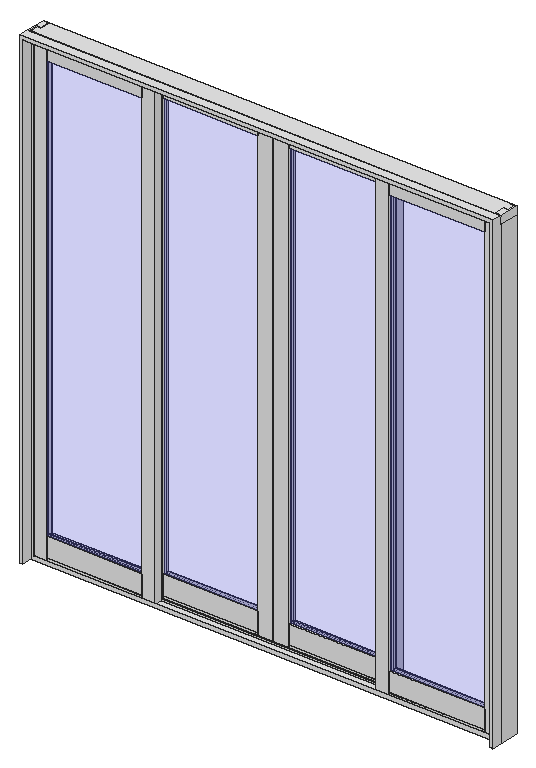
Revit family "Door-Sliding-All_Weather-Series_8100-Bi-Parting", category Doors, host Wall, Revit 2026 (continued)
Definition of nested family "Nested-Panel-All_Weather-Series_8100"
  Definition of nested family "Detail-All_Weather-Series_8100_Post_Left"
    Dimensions and locks (in)
      plane 5 "Front" to Masking region 6 sketch curve to Masking region 6 sketch curve to Masking region 6 sketch curve to Masking region 6 sketch curve to Masking region 6 sketch curve to Masking region 6 sketch curve to Masking region 6 sketch curve to Masking region 6 sketch curve to Masking region 6 sketch curve to Masking region 6 sketch curve to Masking region 6 sketch curve to Masking region 6 sketch curve to Masking region 6 sketch curve to Masking region 6 sketch curve to Masking region 6 sketch curve to Masking region 6 sketch curve to Masking region 6 sketch curve to Masking region 6 sketch curve to Masking region 6 sketch curve to Masking region 6 sketch curve to Masking region 6 sketch curve to Masking region 6 sketch curve to Masking region 6 sketch curve to Masking region 6 sketch curve to Masking region 6 sketch curve to Masking region 6 sketch curve to Masking region 6 sketch curve to Masking region 6 sketch curve to Masking region 6 sketch curve to Masking region 6 sketch curve to Masking region 6 sketch curve to Masking region 6 sketch curve to Masking region 6 sketch curve to Masking region 6 sketch curve to Masking region 6 sketch curve to Masking region 6 sketch curve to Masking region 6 sketch curve to Masking region 6 sketch curve to Masking region 6 sketch curve to Masking region 6 sketch curve to Masking region 6 sketch curve to Masking region 6 sketch curve to Masking region 6 sketch curve to Masking region 6 sketch curve to Masking region 6 sketch curve to Masking region 6 sketch curve to Masking region 6 sketch curve to Masking region 6 sketch curve to Masking region 6 sketch curve to Masking region 6 sketch curve to Masking region 6 sketch curve to Masking region 6 sketch curve = 0' - 0.19863" locked, 0' - 0" locked, 0' - 0.02286" locked, 0' - 0" locked, 0' - 0.03029" locked, 0' - 0.0387" locked, 0' - 0.00198" locked, 0' - 0.03646" locked, 0' - 0.05509" locked, 0' - 0.01723" locked, 0' - 0.02601" locked, 0' - 0.00415" locked, 0' - 0.07129" locked, 0' - 0.33521" locked, 0' - 0.07129", 0' - 0.00415", 0' - 0.02601", 0' - 0.01723" locked, 0' - 0.05509", 0' - 0.03646" locked, 0' - 0.00198" locked, 0' - 0.0387", 0' - 0.03029" locked, 0' - 0" locked, 0' - 0.02286" locked, 0' - 0" locked, 0' - 0.08978" locked, 0' - 0" locked, 0' - 0.05126" locked, 0' - 0" locked, 0' - 0.0035" locked, 0' - 0" locked, 0' - 0.01711" locked, 0' - 0" locked, 0' - 0.02155" locked, 0' - 0" locked, 0' - 0.02378" locked, 0' - 0" locked, 0' - 0.01711" locked, 0' - 0" locked, 0' - 0.00354" locked, 0' - 0" locked, 0' - 0.00711" locked, 0' - 0" locked, 0' - 0.00976" locked, 0' - 0" locked, 0' - 0.02545" locked, 0' - 0.01004" locked, 0' - 0" locked, 0' - 0.0507" locked, 0' - 0" locked, 0' - 0.01406" locked
      locked: Masking region 7 sketch curve to plane 6 "Back" at 0.40021
      plane 5 "Front" to Masking region 8 sketch curve to Masking region 8 sketch curve to Masking region 8 sketch curve to Masking region 8 sketch curve to Masking region 8 sketch curve to Masking region 8 sketch curve = 0' - 0.11225" locked, 0' - 0.0421" locked, 0' - 0.09407" locked, 0' - 0.99986" locked, 0' - 0.08753" locked, 0' - 0.04701" locked
      Masking region 8 sketch curve to Masking region 8 sketch curve to plane 4 "Top" to Masking region 8 sketch curve to Masking region 8 sketch curve to Masking region 8 sketch curve to Masking region 8 sketch curve = 0' - 0.00013" locked, 0' - 0.07487" locked, 0' - 0.06035" locked, 0' - 0.00075" locked, 0' - 0.62125" locked, 0' - 0.12414" locked
      plane 4 "Top" to Masking region 4 sketch curve to Masking region 4 sketch curve to Masking region 4 sketch curve to Masking region 4 sketch curve to Masking region 4 sketch curve to Masking region 4 sketch curve to Masking region 4 sketch curve to Masking region 4 sketch curve to Masking region 4 sketch curve to Masking region 4 sketch curve to Masking region 4 sketch curve to Masking region 4 sketch curve to Masking region 4 sketch curve to Masking region 4 sketch curve to Masking region 4 sketch curve to Masking region 4 sketch curve to Masking region 4 sketch curve to Masking region 4 sketch curve to Masking region 4 sketch curve to Masking region 4 sketch curve to Masking region 4 sketch curve to Masking region 4 sketch curve to Masking region 4 sketch curve to Masking region 4 sketch curve to Masking region 4 sketch curve to Masking region 4 sketch curve to Masking region 4 sketch curve to Masking region 4 sketch curve to Masking region 4 sketch curve to Masking region 4 sketch curve to Masking region 4 sketch curve to Masking region 4 sketch curve to Masking region 4 sketch curve to Masking region 4 sketch curve to Masking region 4 sketch curve to Masking region 4 sketch curve to Masking region 4 sketch curve to Masking region 4 sketch curve to Masking region 4 sketch curve to Masking region 4 sketch curve to Masking region 4 sketch curve to Masking region 4 sketch curve to Masking region 4 sketch curve to Masking region 4 sketch curve to Masking region 4 sketch curve to Masking region 4 sketch curve to Masking region 4 sketch curve to Masking region 4 sketch curve to Masking region 4 sketch curve to Masking region 4 sketch curve to Masking region 4 sketch curve to Masking region 4 sketch curve to Masking region 4 sketch curve to Masking region 4 sketch curve to Masking region 4 sketch curve to Masking region 4 sketch curve to Masking region 4 sketch curve to Masking region 4 sketch curve to Masking region 4 sketch curve to Masking region 4 sketch curve to Masking region 4 sketch curve to Masking region 4 sketch curve to Masking region 4 sketch curve to Masking region 4 sketch curve to Masking region 4 sketch curve to Masking region 4 sketch curve to Masking region 4 sketch curve to Masking region 4 sketch curve to Masking region 4 sketch curve to Masking region 4 sketch curve to Masking region 4 sketch curve to Masking region 4 sketch curve to Masking region 4 sketch curve to Masking region 4 sketch curve to Masking region 4 sketch curve to Masking region 4 sketch curve = 0' - 0.01263" locked, 0' - 0.01062" locked, 0' - 0.03786" locked, 0' - 0" locked, 0' - 0.02" locked, 0' - 0.04682" locked, 0' - 0.00276" locked, 0' - 0.03114" locked, 0' - 0" locked, 0' - 0.0601" locked, 0' - 0" locked, 0' - 0.0339" locked, 0' - 0" locked, 0' - 0.0601" locked, 0' - 0" locked, 0' - 0.0339" locked, 0' - 0" locked, 0' - 0.0601" locked, 0' - 0" locked, 0' - 0.0339" locked, 0' - 0" locked, 0' - 0.0601" locked, 0' - 0" locked, 0' - 0.0339" locked, 0' - 0" locked, 0' - 0.06328" locked, 0' - 0" locked, 0' - 0.20227" locked, 0' - 0.00312" locked, 0' - 0.04597" locked, 0' - 0" locked, 0' - 0.07252" locked, 0' - 0" locked, 0' - 0.00984" locked, 0' - 0.06415" locked, 0' - 0.00388" locked, 0' - 0.02979" locked, 0' - 0.01064" locked, 0' - 0.00783" locked, 0' - 0.00434" locked, 0' - 0.00947" locked, 0' - 0.02985" locked, 0' - 0.02396" locked, 0' - 0.02064" locked, 0' - 0.01001" locked, 0' - 0.0153" locked, 0' - 0" locked, 0' - 0.07255" locked, 0' - 0" locked, 0' - 0" locked, 0' - 0.0083" locked, 0' - 0.04403" locked, 0' - 0" locked, 0' - 0.07517" locked, 0' - 0" locked, 0' - 0" locked, 0' - 0" locked, 0' - 0.39288" locked, 0' - 0.00786" locked, 0' - 0.01065" locked, 0' - 0.01831" locked, 0' - 0.0125" locked, 0' - 0.03585" locked, 0' - 0.00285" locked, 0' - 0.02831" locked, 0' - 0" locked, 0' - 0" locked, 0' - 0.05668" locked, 0' - 0.10017" locked, 0' - 0.04969" locked, 0' - 0.11927" locked, 0' - 0.04969" locked, 0' - 0.26835" locked, 0' - 0.02776" locked, 0' - 0.00003" locked, 0' - 0.07201" locked
      Masking region 4 sketch curve to plane 5 "Front" to Masking region 4 sketch curve to Masking region 4 sketch curve to Masking region 4 sketch curve to Masking region 4 sketch curve to Masking region 4 sketch curve to Masking region 4 sketch curve to Masking region 4 sketch curve to Masking region 4 sketch curve to Masking region 4 sketch curve to Masking region 4 sketch curve to Masking region 4 sketch curve to Masking region 4 sketch curve to Masking region 4 sketch curve to Masking region 4 sketch curve to Masking region 4 sketch curve to Masking region 4 sketch curve to Masking region 4 sketch curve to Masking region 4 sketch curve to Masking region 4 sketch curve to Masking region 4 sketch curve to Masking region 4 sketch curve to Masking region 4 sketch curve to Masking region 4 sketch curve to Masking region 4 sketch curve to Masking region 4 sketch curve to Masking region 4 sketch curve to Masking region 4 sketch curve to Masking region 4 sketch curve to Masking region 4 sketch curve to Masking region 4 sketch curve to Masking region 4 sketch curve to Masking region 4 sketch curve to Masking region 4 sketch curve to Masking region 4 sketch curve to Masking region 4 sketch curve to Masking region 4 sketch curve to Masking region 4 sketch curve to Masking region 4 sketch curve to Masking region 4 sketch curve to Masking region 4 sketch curve to Masking region 4 sketch curve to Masking region 4 sketch curve to Masking region 4 sketch curve to Masking region 4 sketch curve to Masking region 4 sketch curve to Masking region 4 sketch curve to Masking region 4 sketch curve to Masking region 4 sketch curve to Masking region 4 sketch curve to Masking region 4 sketch curve to Masking region 4 sketch curve to Masking region 4 sketch curve to Masking region 4 sketch curve to Masking region 4 sketch curve to Masking region 4 sketch curve to Masking region 4 sketch curve to Masking region 4 sketch curve to Masking region 4 sketch curve to Masking region 4 sketch curve to Masking region 4 sketch curve to Masking region 4 sketch curve to Masking region 4 sketch curve to Masking region 4 sketch curve to Masking region 4 sketch curve to Masking region 4 sketch curve to Masking region 4 sketch curve to Masking region 4 sketch curve to Masking region 4 sketch curve to Masking region 4 sketch curve to Masking region 4 sketch curve to Masking region 4 sketch curve to Masking region 4 sketch curve to Masking region 4 sketch curve to Masking region 4 sketch curve to Masking region 4 sketch curve to Masking region 4 sketch curve to Masking region 4 sketch curve to Masking region 4 sketch curve to Masking region 4 sketch curve to Masking region 4 sketch curve to Masking region 4 sketch curve = 0' - 0.00008" locked, 0' - 0.0359" locked, 0' - 0.03606" locked, 0' - 0.02743" locked, 0' - 0.05308" locked, 0' - 0" locked, 0' - 0" locked, 0' - 0" locked, 0' - 0" locked, 0' - 0.00188" locked, 0' - 0.012" locked, 0' - 0.02" locked, 0' - 0.00969" locked, 0' - 0" locked, 0' - 0" locked, 0' - 0" locked, 0' - 0.00231" locked, 0' - 0.00072" locked, 0' - 0.09784" locked, 0' - 0.00212" locked, 0' - 0.00415" locked, 0' - 0.02031" locked, 0' - 0.01893" locked, 0' - 0.00682" locked, 0' - 0.01748" locked, 0' - 0.05507" locked, 0' - 0.00106" locked, 0' - 0.06668" locked, 0' - 0.01343" locked, 0' - 0.04776" locked, 0' - 0.00188" locked, 0' - 0.29793" locked, 0' - 0.07951" locked, 0' - 0.00941" locked, 0' - 0.00189" locked, 0' - 0.06262" locked, 0' - 0.0062" locked, 0' - 0.00485" locked, 0' - 0.01906" locked, 0' - 0.00687" locked, 0' - 0.0297" locked, 0' - 0.00106" locked, 0' - 0.06648" locked, 0' - 0.00607" locked, 0' - 0.00682" locked, 0' - 0.00189" locked, 0' - 0.03081" locked, 0' - 0.0107" locked, 0' - 0.0408" locked, 0' - 0.00122" locked, 0' - 0.00047" locked, 0' - 0.05479" locked, 0' - 0.00111" locked, 0' - 0.00702" locked, 0' - 0.00231" locked, 0' - 0" locked, 0' - 0" locked, 0' - 0" locked, 0' - 0.00183" locked, 0' - 0.02" locked, 0' - 0.01178" locked, 0' - 0.00995" locked, 0' - 0" locked, 0' - 0" locked, 0' - 0" locked, 0' - 0" locked, 0' - 0.0362" locked, 0' - 0.00013" locked, 0' - 0.02528" locked, 0' - 0.03526" locked, 0' - 0.00064" locked, 0' - 0.01182" locked, 0' - 0.00197" locked, 0' - 0" locked, 0' - 0.03336" locked, 0' - 0.00044" locked, 0' - 0" locked, 0' - 0.27469" locked, 0' - 0.05308" locked, 0' - 0.00916" locked, 0' - 0.03931" locked, 0' - 0.02354" locked
      Masking region 9 sketch curve to Masking region 9 sketch curve to Masking region 9 sketch curve to Masking region 9 sketch curve to plane 6 "Back" = 0' - 0 1/32" locked, 0' - 0" locked, 0' - 0 63/256" locked, 0' - 0.19894" locked
      Masking region 9 sketch curve to Masking region 9 sketch curve to Masking region 9 sketch curve to Masking region 9 sketch curve to plane 1 "Center (Front/Back)" = 0' - 0.05344" locked, 0' - 0 5/64" locked, 0' - 0.05344" locked, 0' - 0.38711" locked
      aligned and locked: Masking region 7 sketch curve to plane 4 "Top"
      aligned and locked: Masking region 7 sketch curve to plane 5 "Front"
      aligned and locked: Masking region 7 sketch curve to plane 1 "Center (Front/Back)"
    Automatic sketch dimensions
      Masking region 6 sketch curve to plane 7 "Glass Front" = 0' - 0.04445"
      Masking region 6 sketch curve to Masking region 6 sketch curve = 0' - 0.0008"  (x2)
      Masking region 6 sketch curve to Masking region 6 sketch curve = 0' - 0.00106"
      Masking region 6 sketch curve to Masking region 6 sketch curve = 0' - 0.0315"  (x2)
      Masking region 6 sketch curve to Masking region 6 sketch curve = 0' - 0.01575"  (x2)
      Masking region 6 sketch curve to Masking region 6 sketch curve = 0' - 0.03937"
      Masking region 6 sketch curve to Masking region 6 sketch curve = 0' - 0"  (x8)
      Masking region 4 sketch curve to Masking region 4 sketch curve = 0' - 0.01745"
      Masking region 4 sketch curve to Masking region 4 sketch curve = 0' - 0.04029"
      Masking region 4 sketch curve to plane 5 "Front" = 0' - 0.05795"
      Masking region 4 sketch curve to Masking region 4 sketch curve = 0' - 0.00117"
      Masking region 4 sketch curve to Masking region 4 sketch curve = 0' - 0.03931"
      Masking region 4 sketch curve to plane 3 "Glass Intersection" = 0' - 0.1279"
      Masking region 4 sketch curve to Masking region 4 sketch curve = 0' - 0 1/256"
      Masking region 9 sketch curve to Masking region 9 sketch curve = 0' - 0 1/256"
      Masking region 9 sketch curve to Masking region 9 sketch curve = 0' - 0.00021"
      Masking region 9 sketch curve to Masking region 9 sketch curve = 0' - 0.01342"
  Definition of nested family "Detail-All_Weather-Series_8100_Door_Footer"
    Parameters (values of type "Door Footer")
      URL = "https://www.allweatheraa.com/"
      Type Comments = "3 in Ultraglide Rollers"  # constant formula
      Thickness = 0' - 1 1/2"  # constant formula
      Specification = ""
      Profile Offset = 0' - 1 9/256"  # constant formula
      Product Page URL = "https://www.allweatheraa.com/doors/series-8100-sliding-doors/"
      Product Name = "Series 8100"  # constant formula
      Product Documentation Link = "https://www.allweatheraa.com/download/4291/"
      Nail Fin Offset = 0' - 1 33/128"  # constant formula
      Model = "Sliding Door"  # constant formula
      Manufacturer = "All Weather Architectural Aluminum"  # constant formula
      Height = 0' - 4 109/128"  # constant formula
      Glass Thickness = 0' - 1"  # constant formula
      Glass = no
      Description = ""
      Assembly Code = "B2020100"
    Reference planes (in)
      plane 1 "Center (Front/Back)": y = -2.95639
      plane 2: z = 0
      plane 3 "Glass Intersection": y = 1.839
      plane 4 "Top": y = 2.5
      plane 5 "Front": x = -1.41797
      plane 6 "Back": x = 0.08203
      plane 7 "Glass Front": x = -1.16934
      plane 8 "Glass Back": x = -0.16934
    Lines and regions (in)
      Masking region 1, in view "Ref. Level", visible <- "Glass", detail levels fine
        outline origin (-0.66605, -0.0985, 0) x (1, 0, 0) y (0, 1, 0)
          loop
            line (-0.50329, 3.0985) -> (-0.50329, 1.9375) -> (-0.32445, 1.9375) -> (-0.32445, 3.0985) -> (-0.50329, 3.0985)
          loop
            line (0.49671, 3.0985) -> (0.31787, 3.0985) -> (0.31787, 1.9375) -> (0.49671, 1.9375) -> (0.49671, 3.0985)
      Masking region 2, in view "Ref. Level", detail levels fine
        outline origin (-0.66605, -0.0985, 0) x (1, 0, 0) y (0, 1, 0)
          loop
            line (-0.32445, 1.95572) -> (0.31955, 1.95572) -> (0.31955, 2.1811) -> (0.28749, 2.1811) -> (0.28749, 1.9861) -> (-0.2924, 1.9861) -> (-0.2924, 2.1811) -> (-0.32445, 2.1811) -> (-0.32445, 1.95572)
      Masking region 3, in view "Ref. Level", detail levels fine
        outline origin (-0.66605, -0.0985, 0) x (1, 0, 0) y (0, 1, 0)
          loop
            line (-0.2924, 2.2971) -> (-0.2924, 1.9861) -> (0.28749, 1.9861) -> (0.28749, 2.2971) -> (-0.2924, 2.2971)
          loop
            line (0.27349, 2.2831) -> (-0.2784, 2.2831) -> (-0.2784, 2.0001) -> (0.27349, 2.0001) -> (0.27349, 2.2831)
      Masking region 4, in view "Ref. Level", detail levels medium+fine
        outline origin (-0.99512, 0, 0) x (1, 0, 0) y (0, 1, 0)
          loop
            line (-0.30079, -1.41548) -> (-0.22018, -1.36894) -> (-0.14111, -1.49126) -> (-0.28485, -1.48594) -> (-0.28485, -1.88274) -> (-0.32885, -1.94057) -> (-0.32885, -2.25903) -> (-0.28091, -2.25903) -> (-0.28091, -2.63174) -> (-0.37385, -2.63174)
            arc (-0.37385, -2.63174) -> (-0.4085, -2.61739) -> (-0.42285, -2.58274) r 0.049
            line (-0.42285, -2.58274) -> (-0.42285, 2.5) -> (-0.23485, 2.5) -> (-0.23485, 2.43191) -> (-0.26871, 2.43191) -> (-0.26871, 2.40107) -> (-0.2192, 2.3378) -> (-0.26871, 2.3378) -> (-0.26871, 2.30707) -> (-0.2192, 2.2438) -> (-0.26871, 2.2438) -> (-0.26871, 2.21307) -> (-0.2192, 2.1498) -> (-0.26871, 2.1498) -> (-0.26871, 2.11907) -> (-0.2192, 2.0558) -> (-0.26871, 2.0558) -> (-0.26871, 2.02507) -> (-0.2192, 1.9618) -> (-0.30079, 1.9618) -> (-0.30079, 1.74571) -> (-0.14111, 1.75162) -> (-0.22037, 1.62901) -> (-0.3021, 1.69258) -> (-0.3021, 1.48338) -> (-0.20382, 1.54011) -> (-0.20382, 1.43539) -> (0.03531, 1.43539) -> (0.03531, 1.31115) -> (-0.28485, 1.31115) -> (-0.28485, -0.92564) -> (0.18463, -0.92564) -> (0.18463, -1.04987) -> (-0.28485, -1.04987) -> (-0.28485, -1.14199) -> (-0.20252, -1.18952) -> (-0.20252, -1.28034) -> (-0.30079, -1.2236) -> (-0.30079, -1.42069)
          loop
            line (0.95511, -1.41548) -> (0.8745, -1.36894) -> (0.79543, -1.49126) -> (0.93917, -1.48594) -> (0.93917, -1.88274) -> (0.98317, -1.94057) -> (0.98317, -2.25903) -> (0.93523, -2.25903) -> (0.93523, -2.63174) -> (1.02817, -2.63174)
            arc (1.02817, -2.63174) -> (1.06282, -2.61739) -> (1.07717, -2.58274) r 0.049
            line (1.07717, -2.58274) -> (1.07717, 2.5) -> (0.88917, 2.5) -> (0.88917, 2.43191) -> (0.92303, 2.43191) -> (0.92303, 2.40107) -> (0.87352, 2.3378) -> (0.92303, 2.3378) -> (0.92303, 2.30707) -> (0.87352, 2.2438) -> (0.92303, 2.2438) -> (0.92303, 2.21307) -> (0.87352, 2.1498) -> (0.92303, 2.1498) -> (0.92303, 2.11907) -> (0.87352, 2.0558) -> (0.92303, 2.0558) -> (0.92303, 2.02507) -> (0.87352, 1.9618) -> (0.95511, 1.9618) -> (0.95511, 1.75162) -> (0.79543, 1.75162) -> (0.87469, 1.62901) -> (0.95641, 1.69258) -> (0.95641, 1.48338) -> (0.85814, 1.54011) -> (0.85814, 1.43539) -> (0.61792, 1.43539) -> (0.61792, 1.31115) -> (0.93917, 1.31115) -> (0.93917, -0.92564) -> (0.46969, -0.92564) -> (0.46969, -1.04987) -> (0.93917, -1.04987) -> (0.93917, -1.14199) -> (0.85684, -1.18952) -> (0.85684, -1.28034) -> (0.95511, -1.2236) -> (0.95511, -1.42069)
      Masking region 5, in view "Ref. Level", detail levels fine
        outline origin (-0.99512, 0.0378, 0) x (1, 0, 0) y (0, 1, 0)
          loop
            arc (-0.17289, 1.57958) -> (-0.19836, 1.58294) -> (-0.2221, 1.59277) r 0.09843
            line (-0.2221, 1.59277) -> (-0.3021, 1.63895) -> (-0.3021, 1.44557) -> (-0.20642, 1.50081)
            arc (-0.20642, 1.50081) -> (-0.19002, 1.50511) -> (-0.17312, 1.50656) r 0.0993
            line (-0.17312, 1.50656) -> (0.82484, 1.50656)
            arc (0.82484, 1.50656) -> (0.84173, 1.50511) -> (0.85814, 1.50081) r 0.0993
            line (0.85814, 1.50081) -> (0.95381, 1.44557) -> (0.95381, 1.63895) -> (0.87382, 1.59277)
            arc (0.87382, 1.59277) -> (0.85008, 1.58294) -> (0.8246, 1.57958) r 0.09843
            line (0.8246, 1.57958) -> (-0.17289, 1.57958)
      Masking region 6, in view "Ref. Level", detail levels fine
        outline origin (-0.99381, -2.86441, 0) x (1, 0, 0) y (0, 1, 0)
          loop
            arc (-0.17289, 1.57958) -> (-0.19836, 1.58294) -> (-0.2221, 1.59277) r 0.09843
            line (-0.2221, 1.59277) -> (-0.3021, 1.63895) -> (-0.3021, 1.44557) -> (-0.20642, 1.50081)
            arc (-0.20642, 1.50081) -> (-0.19002, 1.50511) -> (-0.17312, 1.50656) r 0.0993
            line (-0.17312, 1.50656) -> (0.82484, 1.50656)
            arc (0.82484, 1.50656) -> (0.84173, 1.50511) -> (0.85814, 1.50081) r 0.0993
            line (0.85814, 1.50081) -> (0.95381, 1.44557) -> (0.95381, 1.63895) -> (0.87382, 1.59277)
            arc (0.87382, 1.59277) -> (0.85008, 1.58294) -> (0.8246, 1.57958) r 0.09843
            line (0.8246, 1.57958) -> (-0.17289, 1.57958)
      Masking region 7, in view "Ref. Level", detail levels fine
        outline origin (0, 0, 0) x (1, 0, 0) y (0, 1, 0)
          loop
            circle (-0.66797, -1.01731) r 0.16435
          loop
            circle (-0.66797, -0.08602) r 0.30189
          loop
            circle (-0.66797, 0.80223) r 0.16435
      Masking region 8, in view "Ref. Level", detail levels coarse
        outline origin (0, 0, 0) x (1, 0, 0) y (0, 1, 0)
          loop
            line (-1.41797, 2.5) -> (-1.41797, -2.63174) -> (0.08203, -2.63174) -> (0.08203, 2.5) -> (-1.41797, 2.5)
    Dimensions and locks (in)
      plane 4 "Top" to plane 3 "Glass Intersection" = 0' - 0.661"  (x2)
      "Thickness": plane 5 "Front" to plane 6 "Back"
      locked: plane 5 "Front" to plane 7 "Glass Front" at 0.24862
      "Glass Thickness": plane 7 "Glass Front" to plane 8 "Glass Back"
      Masking region 3 sketch curve to Masking region 3 sketch curve to Masking region 3 sketch curve to Masking region 3 sketch curve to plane 4 "Top" = 0' - 0.014" locked, 0' - 0.283" locked, 0' - 0.014" locked, 0' - 0.3014" locked
      plane 7 "Glass Front" to Masking region 3 sketch curve to Masking region 3 sketch curve to Masking region 3 sketch curve to Masking region 3 sketch curve = 0' - 0.2109" locked, 0' - 0.014" locked, 0' - 0.55189" locked, 0' - 0.014" locked
      plane 7 "Glass Front" to Masking region 2 sketch curve to Masking region 2 sketch curve to Masking region 2 sketch curve to Masking region 2 sketch curve = 0' - 0.17884" locked, 0' - 0.03206" locked, 0' - 0.57989" locked, 0' - 0.03206" locked
      plane 4 "Top" to Masking region 2 sketch curve to Masking region 2 sketch curve to Masking region 2 sketch curve to Masking region 2 sketch curve = 0' - 0.4174" locked, 0' - 0" locked, 0' - 0.195" locked, 0' - 0.03038" locked
      plane 7 "Glass Front" to Masking region 1 sketch curve to Masking region 1 sketch curve to Masking region 1 sketch curve to Masking region 1 sketch curve = 0' - 0" locked, 0' - 0.17884" locked, 0' - 0.64232" locked, 0' - 0.17884" locked
      Masking region 1 sketch curve to Masking region 1 sketch curve to plane 4 "Top" to Masking region 1 sketch curve to Masking region 1 sketch curve = 0' - 0" locked, 0' - 0 1/2" locked, 0' - 0.661" locked, 0' - 0" locked
      plane 1 "Center (Front/Back)" to plane 4 "Top" = 0' - 5.45639"
      plane 4 "Top" to plane 1 "Center (Front/Back)" = 0' - 5.45639"
      plane 5 "Front" to Masking region 5 sketch curve to Masking region 5 sketch curve to Masking region 5 sketch curve to Masking region 5 sketch curve to Masking region 5 sketch curve to Masking region 5 sketch curve to Masking region 5 sketch curve to Masking region 5 sketch curve to Masking region 5 sketch curve to Masking region 5 sketch curve = 0' - 0.12076", 0' - 0.07999" locked, 0' - 0.01568" locked, 0' - 0.0333" locked, 0' - 0.00023" locked, 0' - 0.99749" locked, 0' - 0.00023" locked, 0' - 0.0333" locked, 0' - 0.01568" locked, 0' - 0.07999" locked
      plane 4 "Top" to Masking region 5 sketch curve to Masking region 5 sketch curve to Masking region 5 sketch curve to Masking region 5 sketch curve to Masking region 5 sketch curve to Masking region 5 sketch curve to Masking region 5 sketch curve to Masking region 5 sketch curve to Masking region 5 sketch curve to Masking region 5 sketch curve = 0' - 0.82324" locked, 0' - 0" locked, 0' - 0.04618" locked, 0' - 0" locked, 0' - 0.01319" locked, 0' - 0.07302" locked, 0' - 0.00575" locked, 0' - 0" locked, 0' - 0.05524" locked, 0' - 0" locked
      plane 5 "Front" to Masking region 6 sketch curve to Masking region 6 sketch curve to Masking region 6 sketch curve to Masking region 6 sketch curve to Masking region 6 sketch curve to Masking region 6 sketch curve to Masking region 6 sketch curve to Masking region 6 sketch curve to Masking region 6 sketch curve to Masking region 6 sketch curve = 0' - 0.12206", 0' - 0.07999" locked, 0' - 0.01568" locked, 0' - 0.0333" locked, 0' - 0.00023" locked, 0' - 0.99749" locked, 0' - 0.00023" locked, 0' - 0.0333" locked, 0' - 0.01568" locked, 0' - 0.07999" locked
      plane 4 "Top" to Masking region 6 sketch curve to Masking region 6 sketch curve to Masking region 6 sketch curve to Masking region 6 sketch curve to Masking region 6 sketch curve to Masking region 6 sketch curve to Masking region 6 sketch curve = 0' - 3.72546" locked, 0' - 0.04618" locked, 0' - 0" locked, 0' - 0.01319" locked, 0' - 0.07877" locked, 0' - 0" locked, 0' - 0.05524" locked
      Masking region 4 sketch curve to plane 5 "Front" to Masking region 4 sketch curve to Masking region 4 sketch curve to Masking region 4 sketch curve to Masking region 4 sketch curve to Masking region 4 sketch curve to Masking region 4 sketch curve to Masking region 4 sketch curve to Masking region 4 sketch curve to Masking region 4 sketch curve to Masking region 4 sketch curve to Masking region 4 sketch curve to Masking region 4 sketch curve to Masking region 4 sketch curve to Masking region 4 sketch curve to Masking region 4 sketch curve to Masking region 4 sketch curve to Masking region 4 sketch curve to Masking region 4 sketch curve to Masking region 4 sketch curve to Masking region 4 sketch curve to Masking region 4 sketch curve to Masking region 4 sketch curve to Masking region 4 sketch curve to Masking region 4 sketch curve to Masking region 4 sketch curve to Masking region 4 sketch curve to Masking region 4 sketch curve to Masking region 4 sketch curve to Masking region 4 sketch curve to Masking region 4 sketch curve to Masking region 4 sketch curve to Masking region 4 sketch curve to Masking region 4 sketch curve to Masking region 4 sketch curve to Masking region 4 sketch curve to Masking region 4 sketch curve to Masking region 4 sketch curve to Masking region 4 sketch curve to Masking region 4 sketch curve to Masking region 4 sketch curve to Masking region 4 sketch curve to Masking region 4 sketch curve to Masking region 4 sketch curve to Masking region 4 sketch curve to Masking region 4 sketch curve to Masking region 4 sketch curve to Masking region 4 sketch curve to Masking region 4 sketch curve to Masking region 4 sketch curve to Masking region 4 sketch curve to Masking region 4 sketch curve to Masking region 4 sketch curve to Masking region 4 sketch curve to Masking region 4 sketch curve to Masking region 4 sketch curve = 0' - 0" locked, 0' - 0.049" locked, 0' - 0.045" locked, 0' - 0.02676" locked, 0' - 0.0013" locked, 0' - 0" locked, 0' - 0.01594" locked, 0' - 0" locked, 0' - 0" locked, 0' - 0.01614" locked, 0' - 0" locked, 0' - 0" locked, 0' - 0" locked, 0' - 0" locked, 0' - 0.03386" locked, 0' - 0.01448" locked, 0' - 0.00019" locked, 0' - 0.00098" locked, 0' - 0" locked, 0' - 0" locked, 0' - 0" locked, 0' - 0" locked, 0' - 0.01538" locked, 0' - 0.0013" locked, 0' - 0.06141" locked, 0' - 0" locked, 0' - 0.17642" locked, 0' - 0.14932" locked, 0' - 0.28506" locked, 0' - 0.14823" locked, 0' - 0.17751" locked, 0' - 0" locked, 0' - 0.06141" locked, 0' - 0.0013" locked, 0' - 0.01538" locked, 0' - 0" locked, 0' - 0" locked, 0' - 0" locked, 0' - 0" locked, 0' - 0.00098" locked, 0' - 0.00019" locked, 0' - 0.01448" locked, 0' - 0.03386" locked, 0' - 0" locked, 0' - 0" locked, 0' - 0" locked, 0' - 0" locked, 0' - 0.01614" locked, 0' - 0" locked, 0' - 0" locked, 0' - 0.01594" locked, 0' - 0" locked, 0' - 0.0013" locked, 0' - 0.02676" locked, 0' - 0.045" locked, 0' - 0.049" locked
      plane 4 "Top" to Masking region 4 sketch curve to Masking region 4 sketch curve to Masking region 4 sketch curve to Masking region 4 sketch curve to Masking region 4 sketch curve to Masking region 4 sketch curve to Masking region 4 sketch curve to Masking region 4 sketch curve to Masking region 4 sketch curve to Masking region 4 sketch curve to Masking region 4 sketch curve to Masking region 4 sketch curve to Masking region 4 sketch curve to Masking region 4 sketch curve to Masking region 4 sketch curve to Masking region 4 sketch curve to Masking region 4 sketch curve to Masking region 4 sketch curve to Masking region 4 sketch curve to Masking region 4 sketch curve to Masking region 4 sketch curve to Masking region 4 sketch curve to Masking region 4 sketch curve to Masking region 4 sketch curve to Masking region 4 sketch curve to Masking region 4 sketch curve to Masking region 4 sketch curve to Masking region 4 sketch curve to Masking region 4 sketch curve to Masking region 4 sketch curve to Masking region 4 sketch curve to Masking region 4 sketch curve to Masking region 4 sketch curve to Masking region 4 sketch curve to Masking region 4 sketch curve to Masking region 4 sketch curve to Masking region 4 sketch curve to Masking region 4 sketch curve to Masking region 4 sketch curve to Masking region 4 sketch curve to Masking region 4 sketch curve to Masking region 4 sketch curve to Masking region 4 sketch curve to Masking region 4 sketch curve to Masking region 4 sketch curve to Masking region 4 sketch curve to Masking region 4 sketch curve to Masking region 4 sketch curve to Masking region 4 sketch curve to Masking region 4 sketch curve to Masking region 4 sketch curve to Masking region 4 sketch curve to Masking region 4 sketch curve to Masking region 4 sketch curve to Masking region 4 sketch curve to Masking region 4 sketch curve to Masking region 4 sketch curve to Masking region 4 sketch curve to Masking region 4 sketch curve to Masking region 4 sketch curve to Masking region 4 sketch curve to Masking region 4 sketch curve to Masking region 4 sketch curve to Masking region 4 sketch curve to Masking region 4 sketch curve to Masking region 4 sketch curve to Masking region 4 sketch curve to Masking region 4 sketch curve to Masking region 4 sketch curve = 0' - 0" locked, 0' - 0" locked, 0' - 0.06809" locked, 0' - 0" locked, 0' - 0.03084" locked, 0' - 0" locked, 0' - 0.06326" locked, 0' - 0" locked, 0' - 0.03074" locked, 0' - 0" locked, 0' - 0.06326" locked, 0' - 0" locked, 0' - 0.03074" locked, 0' - 0" locked, 0' - 0.06326" locked, 0' - 0" locked, 0' - 0.03074" locked, 0' - 0" locked, 0' - 0.06326" locked, 0' - 0" locked, 0' - 0.03074" locked, 0' - 0" locked, 0' - 0.06326" locked, 0' - 0" locked, 0' - 0.21018" locked, 0' - 0" locked, 0' - 0.00591" locked, 0' - 0.05313" locked, 0' - 0" locked, 0' - 0.06357" locked, 0' - 0" locked, 0' - 0.0889" locked, 0' - 0" locked, 0' - 0.05674" locked, 0' - 0" locked, 0' - 0.04799" locked, 0' - 0" locked, 0' - 0.12424" locked, 0' - 0" locked, 0' - 2.23679" locked, 0' - 0" locked, 0' - 0.12424" locked, 0' - 0" locked, 0' - 0.09211" locked, 0' - 0" locked, 0' - 0.04753" locked, 0' - 0" locked, 0' - 0.03408" locked, 0' - 0" locked, 0' - 0.05674" locked, 0' - 0" locked, 0' - 0.0886" locked, 0' - 0" locked, 0' - 0.05175" locked, 0' - 0" locked, 0' - 0.06525" locked, 0' - 0" locked, 0' - 0.00532" locked, 0' - 0" locked, 0' - 0.39148", 0' - 0" locked, 0' - 0.05783" locked, 0' - 0" locked, 0' - 0.31846" locked, 0' - 0" locked, 0' - 0.32371" locked, 0' - 0" locked, 0' - 0.049" locked, 0' - 0" locked
      plane 5 "Front" to Masking region 7 sketch curve to Masking region 7 sketch curve to Masking region 7 sketch curve to Masking region 7 sketch curve to Masking region 7 sketch curve to Masking region 7 sketch curve = 0' - 0 3/4" locked, 0' - 0" locked, 0' - 0" locked, 0' - 0.16435" locked, 0' - 0" locked, 0' - 0.13754" locked
      plane 1 "Center (Front/Back)" to Masking region 7 sketch curve to Masking region 7 sketch curve to Masking region 7 sketch curve = 0' - 1.77473" locked, 0' - 0.79375" locked, 0' - 1.02579" locked
      locked: Masking region 8 sketch curve to plane 1 "Center (Front/Back)" at 0.32465
      aligned and locked: plane 6 "Back" to Masking region 8 sketch curve
      aligned and locked: Masking region 8 sketch curve to plane 5 "Front"
      aligned and locked: Masking region 8 sketch curve to plane 4 "Top"
    Automatic sketch dimensions
      Masking region 6 sketch curve to Masking region 6 sketch curve = 0' - 0.03831"  (x2)
      Masking region 6 sketch curve to Masking region 6 sketch curve = 0' - 0.04618"
      Masking region 4 sketch curve to Masking region 4 sketch curve = 0' - 0.09294"
      Masking region 4 sketch curve to Masking region 4 sketch curve = 0' - 0.04794"
      Masking region 4 sketch curve to Masking region 4 sketch curve = 0' - 0.00521"  (x2)
Definition of nested family "Detail-All_Weather-Series_8100_Jamb"
  Parameters (values of type "Header")
    URL = "https://www.allweatheraa.com/"
    Type Comments = "5 in Thermal Strut Sliding Glass Door"  # constant formula
    Thickness = 0' - 8"
    Specification = ""
    Profile Offset = 0' - 1 9/256"  # constant formula
    Product Page URL = "https://www.allweatheraa.com/doors/series-8100-sliding-doors/"
    Product Name = "Series 8100"  # constant formula
    Product Documentation Link = "https://www.allweatheraa.com/download/4291"
    Nail Fin Offset = 0' - 1 33/128"  # constant formula
    Jamb = no
    Header = not(Jamb)  # yes
    Model = "Sliding Door"  # constant formula
    Manufacturer = "All Weather Architectural Aluminum"  # constant formula
    Height = if(Jamb, 0' 1 15/128", 0' 1 143/256")  # 0' - 1 143/256"
    Glass Thickness = 0' - 1"  # constant formula
    Description = if(and([3 Track], Header), "3 Track Header", if(and([2 Track], Header), "2 Track Header", if(and([3 Track], Jamb), "3 Track Jamb", "2 Track Jamb")))  # "3 Track Header"
    Assembly Code = "B2020100"
    4 Track = Thickness > 0' 6"  # yes
    3 Track = Thickness > 0' 4"  # yes
    2 Track = Thickness > 0' 1"  # yes
  Types (2): name | Jamb | Header | Height | Description
    Jamb | yes | no | 0' - 1 15/128" | "3 Track Jamb"
    Header | no | yes | 0' - 1 143/256" | "3 Track Header"
  Reference planes (in)
    plane 1 "Center (Front/Back)": y = 0.94141
    plane 2: z = 0
    plane 3 "Top": y = 2.5
    plane 4 "Front": x = -1.41797
    plane 5: x = 6.58203
    plane 6: x = -0.42783
    plane 7: x = 1.57217
    plane 8: x = 5.513
    plane 9: x = 3.57217
  Lines and regions (in)
    Masking region 1, in view "Ref. Level", visible <- "2 Track", detail levels medium+fine
      outline origin (0, 0, 0) x (1, 0, 0) y (0, 1, 0)
        loop
          line (-1.25895, 2.5) -> (-1.41797, 2.5) -> (-1.41797, 1.29722) -> (-1.38674, 1.29722) -> (-1.37618, 1.34692) -> (-1.31858, 1.34692) -> (-1.31858, 1.12528) -> (-1.41797, 1.12528) -> (-1.41797, 0.97247) -> (-1.37082, 0.97247) -> (-1.37082, 1.06564) -> (-1.31858, 1.06564) -> (-1.31858, 0.94141) -> (-0.54433, 0.94141) -> (-0.54433, 1.03881)
          arc (-0.54433, 1.03881) -> (-0.55788, 1.06094) -> (-0.58374, 1.05894) r 0.02485
          line (-0.58374, 1.05894) -> (-0.62375, 1.01893) -> (-0.71131, 1.01893)
          arc (-0.71131, 1.01893) -> (-0.73309, 1.02795) -> (-0.74212, 1.04974) r 0.03081
          line (-0.74212, 1.04974) -> (-0.74212, 1.23162)
          arc (-0.74212, 1.23162) -> (-0.73309, 1.25341) -> (-0.71131, 1.26244) r 0.03081
          line (-0.71131, 1.26244) -> (-0.62375, 1.26244) -> (-0.58374, 1.22243)
          arc (-0.58374, 1.22243) -> (-0.55788, 1.22043) -> (-0.54433, 1.24256) r 0.02485
          line (-0.54433, 1.24256) -> (-0.54433, 1.31298) -> (-1.24901, 1.31298) -> (-1.24901, 1.41649) -> (-1.3484, 1.41649) -> (-1.3484, 2.1581) -> (-1.25895, 2.1581) -> (-1.25895, 2.26742) -> (-1.2987, 2.26742) -> (-1.2987, 2.21972) -> (-1.3484, 2.21972) -> (-1.3484, 2.43838) -> (-1.2987, 2.43838) -> (-1.2987, 2.39067) -> (-1.25895, 2.39067) -> (-1.25895, 2.5)
        loop
          line (0.42281, 2.5) -> (0.42281, 2.39067) -> (0.46257, 2.39067) -> (0.46257, 2.43838) -> (0.51227, 2.43838) -> (0.51227, 2.21972) -> (0.46257, 2.21972) -> (0.46257, 2.26742) -> (0.42281, 2.26742) -> (0.42281, 2.1581) -> (0.51227, 2.1581) -> (0.51227, 1.31298) -> (-0.2918, 1.31298) -> (-0.2918, 1.24256)
          arc (-0.2918, 1.24256) -> (-0.27825, 1.22043) -> (-0.25239, 1.22243) r 0.02485
          line (-0.25239, 1.22243) -> (-0.21238, 1.26244) -> (-0.12482, 1.26244)
          arc (-0.12482, 1.26244) -> (-0.10304, 1.25341) -> (-0.09401, 1.23162) r 0.03081
          line (-0.09401, 1.23162) -> (-0.09401, 1.04974)
          arc (-0.09401, 1.04974) -> (-0.10304, 1.02795) -> (-0.12482, 1.01893) r 0.03081
          line (-0.12482, 1.01893) -> (-0.21238, 1.01893) -> (-0.25239, 1.05894)
          arc (-0.25239, 1.05894) -> (-0.27825, 1.06094) -> (-0.2918, 1.03881) r 0.02485
          line (-0.2918, 1.03881) -> (-0.2918, 0.94141) -> (0.47251, 0.94141) -> (0.47251, 1.06564) -> (0.53469, 1.06564) -> (0.53469, 0.97247) -> (0.58184, 0.97247) -> (0.58184, 1.22784) -> (0.66428, 1.22784) -> (0.66428, 1.33717) -> (0.63314, 1.33717) -> (0.61889, 1.28748) -> (0.58184, 1.28748) -> (0.58184, 2.5) -> (0.42281, 2.5)
    Masking region 2, in view "Ref. Level", visible <- "2 Track", detail levels fine
      outline origin (0, 0, 0) x (1, 0, 0) y (0, 1, 0)
        loop
          line (-1.24901, 1.2436) -> (-1.24901, 1.01117) -> (-0.81169, 1.01117) -> (-0.81169, 1.2436) -> (-1.24901, 1.2436)
        loop
          line (0.50039, 1.2436) -> (-0.03631, 1.2436) -> (-0.03631, 1.01117) -> (0.401, 1.01117) -> (0.401, 1.12547) -> (0.50039, 1.12547) -> (0.50039, 1.2436)
    Masking region 3, in view "Ref. Level", visible <- "2 Track", detail levels coarse
      outline origin (0, 0, 0) x (1, 0, 0) y (0, 1, 0)
        loop
          line (-1.41797, 2.5) -> (-1.41797, 0.94141) -> (6.58203, 0.94141) -> (6.58203, 2.5) -> (-1.41797, 2.5)
    Masking region 4, in view "Ref. Level", visible <- "2 Track", detail levels fine
      outline origin (0, 0, 0) x (1, 0, 0) y (0, 1, 0)
        loop
          line (-1.2987, 2.36763) -> (-1.2987, 2.43838) -> (-1.3484, 2.43838) -> (-1.3484, 2.21972) -> (-1.2987, 2.21972) -> (-1.2987, 2.28862) -> (-1.16316, 2.28122) -> (-1.16316, 2.37517) -> (-1.2987, 2.36763)
        loop
          line (0.46257, 2.36763) -> (0.32703, 2.37517) -> (0.32703, 2.28122) -> (0.46257, 2.28862) -> (0.46257, 2.21972) -> (0.51227, 2.21972) -> (0.51227, 2.43838) -> (0.46257, 2.43838) -> (0.46257, 2.36763)
    Masking region 5, in view "Ref. Level", visible <- "2 Track", detail levels fine
      outline origin (0, 0, 0) x (1, 0, 0) y (0, 1, 0)
        loop
          line (-0.54433, 1.27411) -> (-0.54433, 1.24256)
          arc (-0.54433, 1.24256) -> (-0.55788, 1.22043) -> (-0.58374, 1.22243) r 0.02485
          line (-0.58374, 1.22243) -> (-0.62375, 1.26244) -> (-0.71131, 1.26244)
          arc (-0.71131, 1.26244) -> (-0.73309, 1.25341) -> (-0.74212, 1.23162) r 0.03081
          line (-0.74212, 1.23162) -> (-0.74212, 1.04974)
          arc (-0.74212, 1.04974) -> (-0.73309, 1.02795) -> (-0.71131, 1.01893) r 0.03081
          line (-0.71131, 1.01893) -> (-0.62375, 1.01893) -> (-0.58374, 1.05894)
          arc (-0.58374, 1.05894) -> (-0.55788, 1.06094) -> (-0.54433, 1.03881) r 0.02485
          line (-0.54433, 1.03881) -> (-0.54433, 1.00721) -> (-0.2918, 1.00721) -> (-0.2918, 1.03881)
          arc (-0.2918, 1.03881) -> (-0.27825, 1.06094) -> (-0.25239, 1.05894) r 0.02485
          line (-0.25239, 1.05894) -> (-0.21238, 1.01893) -> (-0.12482, 1.01893)
          arc (-0.12482, 1.01893) -> (-0.10304, 1.02795) -> (-0.09401, 1.04974) r 0.03081
          line (-0.09401, 1.04974) -> (-0.09401, 1.23162)
          arc (-0.09401, 1.23162) -> (-0.10304, 1.25341) -> (-0.12482, 1.26244) r 0.03081
          line (-0.12482, 1.26244) -> (-0.21238, 1.26244) -> (-0.25239, 1.22243)
          arc (-0.25239, 1.22243) -> (-0.27825, 1.22043) -> (-0.2918, 1.24256) r 0.02485
          line (-0.2918, 1.24256) -> (-0.2918, 1.27411) -> (-0.54433, 1.27411)
    Masking region 6, in view "Ref. Level", visible <- "2 Track", detail levels fine
      outline origin (2, 0, 0) x (1, 0, 0) y (0, 1, 0)
        loop
          line (-1.24901, 1.2436) -> (-1.24901, 1.01117) -> (-0.81169, 1.01117) -> (-0.81169, 1.2436) -> (-1.24901, 1.2436)
        loop
          line (0.50039, 1.2436) -> (-0.03631, 1.2436) -> (-0.03631, 1.01117) -> (0.401, 1.01117) -> (0.401, 1.12547) -> (0.50039, 1.12547) -> (0.50039, 1.2436)
    Masking region 7, in view "Ref. Level", visible <- "2 Track", detail levels fine
      outline origin (2, 0, 0) x (1, 0, 0) y (0, 1, 0)
        loop
          line (-0.54433, 1.27411) -> (-0.54433, 1.24256)
          arc (-0.54433, 1.24256) -> (-0.55788, 1.22043) -> (-0.58374, 1.22243) r 0.02485
          line (-0.58374, 1.22243) -> (-0.62375, 1.26244) -> (-0.71131, 1.26244)
          arc (-0.71131, 1.26244) -> (-0.73309, 1.25341) -> (-0.74212, 1.23162) r 0.03081
          line (-0.74212, 1.23162) -> (-0.74212, 1.04974)
          arc (-0.74212, 1.04974) -> (-0.73309, 1.02795) -> (-0.71131, 1.01893) r 0.03081
          line (-0.71131, 1.01893) -> (-0.62375, 1.01893) -> (-0.58374, 1.05894)
          arc (-0.58374, 1.05894) -> (-0.55788, 1.06094) -> (-0.54433, 1.03881) r 0.02485
          line (-0.54433, 1.03881) -> (-0.54433, 1.00721) -> (-0.2918, 1.00721) -> (-0.2918, 1.03881)
          arc (-0.2918, 1.03881) -> (-0.27825, 1.06094) -> (-0.25239, 1.05894) r 0.02485
          line (-0.25239, 1.05894) -> (-0.21238, 1.01893) -> (-0.12482, 1.01893)
          arc (-0.12482, 1.01893) -> (-0.10304, 1.02795) -> (-0.09401, 1.04974) r 0.03081
          line (-0.09401, 1.04974) -> (-0.09401, 1.23162)
          arc (-0.09401, 1.23162) -> (-0.10304, 1.25341) -> (-0.12482, 1.26244) r 0.03081
          line (-0.12482, 1.26244) -> (-0.21238, 1.26244) -> (-0.25239, 1.22243)
          arc (-0.25239, 1.22243) -> (-0.27825, 1.22043) -> (-0.2918, 1.24256) r 0.02485
          line (-0.2918, 1.24256) -> (-0.2918, 1.27411) -> (-0.54433, 1.27411)
    Masking region 8, in view "Ref. Level", visible <- "2 Track", detail levels medium+fine
      outline origin (2.75, 0, 0) x (1, 0, 0) y (0, 1, 0)
        loop
          line (-2.00914, 2.5) -> (-2.16816, 2.5) -> (-2.16816, 1.29722) -> (-2.13693, 1.29722) -> (-2.12637, 1.34692) -> (-2.06877, 1.34692) -> (-2.06877, 1.12528) -> (-2.16816, 1.12528) -> (-2.16816, 0.97247) -> (-2.12102, 0.97247) -> (-2.12102, 1.06564) -> (-2.06877, 1.06564) -> (-2.06877, 0.94141) -> (-1.29453, 0.94141) -> (-1.29453, 1.03881)
          arc (-1.29453, 1.03881) -> (-1.30807, 1.06094) -> (-1.33394, 1.05894) r 0.02485
          line (-1.33394, 1.05894) -> (-1.37395, 1.01893) -> (-1.4615, 1.01893)
          arc (-1.4615, 1.01893) -> (-1.48329, 1.02795) -> (-1.49231, 1.04974) r 0.03081
          line (-1.49231, 1.04974) -> (-1.49231, 1.23162)
          arc (-1.49231, 1.23162) -> (-1.48329, 1.25341) -> (-1.4615, 1.26244) r 0.03081
          line (-1.4615, 1.26244) -> (-1.37395, 1.26244) -> (-1.33394, 1.22243)
          arc (-1.33394, 1.22243) -> (-1.30807, 1.22043) -> (-1.29453, 1.24256) r 0.02485
          line (-1.29453, 1.24256) -> (-1.29453, 1.31298) -> (-1.9992, 1.31298) -> (-1.9992, 1.41649) -> (-2.09859, 1.41649) -> (-2.09859, 2.1581) -> (-2.00914, 2.1581) -> (-2.00914, 2.26742) -> (-2.04889, 2.26742) -> (-2.04889, 2.21972) -> (-2.09859, 2.21972) -> (-2.09859, 2.43838) -> (-2.04889, 2.43838) -> (-2.04889, 2.39067) -> (-2.00914, 2.39067) -> (-2.00914, 2.5)
        loop
          line (-0.32738, 2.5) -> (-0.32738, 2.39067) -> (-0.28762, 2.39067) -> (-0.28762, 2.43838) -> (-0.23793, 2.43838) -> (-0.23793, 2.21972) -> (-0.28762, 2.21972) -> (-0.28762, 2.26742) -> (-0.32738, 2.26742) -> (-0.32738, 2.1581) -> (-0.23793, 2.1581) -> (-0.23793, 1.31298) -> (-1.04199, 1.31298) -> (-1.04199, 1.24256)
          arc (-1.04199, 1.24256) -> (-1.02845, 1.22043) -> (-1.00258, 1.22243) r 0.02485
          line (-1.00258, 1.22243) -> (-0.96257, 1.26244) -> (-0.87502, 1.26244)
          arc (-0.87502, 1.26244) -> (-0.85323, 1.25341) -> (-0.8442, 1.23162) r 0.03081
          line (-0.8442, 1.23162) -> (-0.8442, 1.04974)
          arc (-0.8442, 1.04974) -> (-0.85323, 1.02795) -> (-0.87502, 1.01893) r 0.03081
          line (-0.87502, 1.01893) -> (-0.96257, 1.01893) -> (-1.00258, 1.05894)
          arc (-1.00258, 1.05894) -> (-1.02845, 1.06094) -> (-1.04199, 1.03881) r 0.02485
          line (-1.04199, 1.03881) -> (-1.04199, 0.94141) -> (-0.27768, 0.94141) -> (-0.27768, 1.06564) -> (-0.2155, 1.06564) -> (-0.2155, 0.97247) -> (-0.16835, 0.97247) -> (-0.16835, 1.22784) -> (-0.08591, 1.22784) -> (-0.08591, 1.33717) -> (-0.11705, 1.33717) -> (-0.1313, 1.28748) -> (-0.16835, 1.28748) -> (-0.16835, 2.5) -> (-0.32738, 2.5)
    Masking region 9, in view "Ref. Level", visible <- "2 Track", detail levels fine
      outline origin (2, 0, 0) x (1, 0, 0) y (0, 1, 0)
        loop
          line (-1.2987, 2.36763) -> (-1.2987, 2.43838) -> (-1.3484, 2.43838) -> (-1.3484, 2.21972) -> (-1.2987, 2.21972) -> (-1.2987, 2.28862) -> (-1.16316, 2.28122) -> (-1.16316, 2.37517) -> (-1.2987, 2.36763)
        loop
          line (0.46257, 2.36763) -> (0.32703, 2.37517) -> (0.32703, 2.28122) -> (0.46257, 2.28862) -> (0.46257, 2.21972) -> (0.51227, 2.21972) -> (0.51227, 2.43838) -> (0.46257, 2.43838) -> (0.46257, 2.36763)
    Masking region 10, in view "Ref. Level", visible <- "3 Track", detail levels fine
      outline origin (4, 0, 0) x (1, 0, 0) y (0, 1, 0)
        loop
          line (-1.24901, 1.2436) -> (-1.24901, 1.01117) -> (-0.81169, 1.01117) -> (-0.81169, 1.2436) -> (-1.24901, 1.2436)
        loop
          line (0.50039, 1.2436) -> (-0.03631, 1.2436) -> (-0.03631, 1.01117) -> (0.401, 1.01117) -> (0.401, 1.12547) -> (0.50039, 1.12547) -> (0.50039, 1.2436)
    Masking region 11, in view "Ref. Level", visible <- "3 Track", detail levels fine
      outline origin (4, 0, 0) x (1, 0, 0) y (0, 1, 0)
        loop
          line (-0.54433, 1.27411) -> (-0.54433, 1.24256)
          arc (-0.54433, 1.24256) -> (-0.55788, 1.22043) -> (-0.58374, 1.22243) r 0.02485
          line (-0.58374, 1.22243) -> (-0.62375, 1.26244) -> (-0.71131, 1.26244)
          arc (-0.71131, 1.26244) -> (-0.73309, 1.25341) -> (-0.74212, 1.23162) r 0.03081
          line (-0.74212, 1.23162) -> (-0.74212, 1.04974)
          arc (-0.74212, 1.04974) -> (-0.73309, 1.02795) -> (-0.71131, 1.01893) r 0.03081
          line (-0.71131, 1.01893) -> (-0.62375, 1.01893) -> (-0.58374, 1.05894)
          arc (-0.58374, 1.05894) -> (-0.55788, 1.06094) -> (-0.54433, 1.03881) r 0.02485
          line (-0.54433, 1.03881) -> (-0.54433, 1.00721) -> (-0.2918, 1.00721) -> (-0.2918, 1.03881)
          arc (-0.2918, 1.03881) -> (-0.27825, 1.06094) -> (-0.25239, 1.05894) r 0.02485
          line (-0.25239, 1.05894) -> (-0.21238, 1.01893) -> (-0.12482, 1.01893)
          arc (-0.12482, 1.01893) -> (-0.10304, 1.02795) -> (-0.09401, 1.04974) r 0.03081
          line (-0.09401, 1.04974) -> (-0.09401, 1.23162)
          arc (-0.09401, 1.23162) -> (-0.10304, 1.25341) -> (-0.12482, 1.26244) r 0.03081
          line (-0.12482, 1.26244) -> (-0.21238, 1.26244) -> (-0.25239, 1.22243)
          arc (-0.25239, 1.22243) -> (-0.27825, 1.22043) -> (-0.2918, 1.24256) r 0.02485
          line (-0.2918, 1.24256) -> (-0.2918, 1.27411) -> (-0.54433, 1.27411)
    Masking region 12, in view "Ref. Level", visible <- "3 Track", detail levels medium+fine
      outline origin (4.75, 0, 0) x (1, 0, 0) y (0, 1, 0)
        loop
          line (-2.00914, 2.5) -> (-2.16816, 2.5) -> (-2.16816, 1.29722) -> (-2.13693, 1.29722) -> (-2.12637, 1.34692) -> (-2.06877, 1.34692) -> (-2.06877, 1.12528) -> (-2.16816, 1.12528) -> (-2.16816, 0.97247) -> (-2.12102, 0.97247) -> (-2.12102, 1.06564) -> (-2.06877, 1.06564) -> (-2.06877, 0.94141) -> (-1.29453, 0.94141) -> (-1.29453, 1.03881)
          arc (-1.29453, 1.03881) -> (-1.30807, 1.06094) -> (-1.33394, 1.05894) r 0.02485
          line (-1.33394, 1.05894) -> (-1.37395, 1.01893) -> (-1.4615, 1.01893)
          arc (-1.4615, 1.01893) -> (-1.48329, 1.02795) -> (-1.49231, 1.04974) r 0.03081
          line (-1.49231, 1.04974) -> (-1.49231, 1.23162)
          arc (-1.49231, 1.23162) -> (-1.48329, 1.25341) -> (-1.4615, 1.26244) r 0.03081
          line (-1.4615, 1.26244) -> (-1.37395, 1.26244) -> (-1.33394, 1.22243)
          arc (-1.33394, 1.22243) -> (-1.30807, 1.22043) -> (-1.29453, 1.24256) r 0.02485
          line (-1.29453, 1.24256) -> (-1.29453, 1.31298) -> (-1.9992, 1.31298) -> (-1.9992, 1.41649) -> (-2.09859, 1.41649) -> (-2.09859, 2.1581) -> (-2.00914, 2.1581) -> (-2.00914, 2.26742) -> (-2.04889, 2.26742) -> (-2.04889, 2.21972) -> (-2.09859, 2.21972) -> (-2.09859, 2.43838) -> (-2.04889, 2.43838) -> (-2.04889, 2.39067) -> (-2.00914, 2.39067) -> (-2.00914, 2.5)
        loop
          line (-0.32738, 2.5) -> (-0.32738, 2.39067) -> (-0.28762, 2.39067) -> (-0.28762, 2.43838) -> (-0.23793, 2.43838) -> (-0.23793, 2.21972) -> (-0.28762, 2.21972) -> (-0.28762, 2.26742) -> (-0.32738, 2.26742) -> (-0.32738, 2.1581) -> (-0.23793, 2.1581) -> (-0.23793, 1.31298) -> (-1.04199, 1.31298) -> (-1.04199, 1.24256)
          arc (-1.04199, 1.24256) -> (-1.02845, 1.22043) -> (-1.00258, 1.22243) r 0.02485
          line (-1.00258, 1.22243) -> (-0.96257, 1.26244) -> (-0.87502, 1.26244)
          arc (-0.87502, 1.26244) -> (-0.85323, 1.25341) -> (-0.8442, 1.23162) r 0.03081
          line (-0.8442, 1.23162) -> (-0.8442, 1.04974)
          arc (-0.8442, 1.04974) -> (-0.85323, 1.02795) -> (-0.87502, 1.01893) r 0.03081
          line (-0.87502, 1.01893) -> (-0.96257, 1.01893) -> (-1.00258, 1.05894)
          arc (-1.00258, 1.05894) -> (-1.02845, 1.06094) -> (-1.04199, 1.03881) r 0.02485
          line (-1.04199, 1.03881) -> (-1.04199, 0.94141) -> (-0.27768, 0.94141) -> (-0.27768, 1.06564) -> (-0.2155, 1.06564) -> (-0.2155, 0.97247) -> (-0.16835, 0.97247) -> (-0.16835, 1.22784) -> (-0.08591, 1.22784) -> (-0.08591, 1.33717) -> (-0.11705, 1.33717) -> (-0.1313, 1.28748) -> (-0.16835, 1.28748) -> (-0.16835, 2.5) -> (-0.32738, 2.5)
    Masking region 13, in view "Ref. Level", visible <- "3 Track", detail levels fine
      outline origin (4, 0, 0) x (1, 0, 0) y (0, 1, 0)
        loop
          line (-1.2987, 2.36763) -> (-1.2987, 2.43838) -> (-1.3484, 2.43838) -> (-1.3484, 2.21972) -> (-1.2987, 2.21972) -> (-1.2987, 2.28862) -> (-1.16316, 2.28122) -> (-1.16316, 2.37517) -> (-1.2987, 2.36763)
        loop
          line (0.46257, 2.36763) -> (0.32703, 2.37517) -> (0.32703, 2.28122) -> (0.46257, 2.28862) -> (0.46257, 2.21972) -> (0.51227, 2.21972) -> (0.51227, 2.43838) -> (0.46257, 2.43838) -> (0.46257, 2.36763)
    Masking region 14, in view "Ref. Level", visible <- "4 Track", detail levels fine
      outline origin (6, 0, 0) x (1, 0, 0) y (0, 1, 0)
        loop
          line (-1.24901, 1.2436) -> (-1.24901, 1.01117) -> (-0.81169, 1.01117) -> (-0.81169, 1.2436) -> (-1.24901, 1.2436)
        loop
          line (0.50039, 1.2436) -> (-0.03631, 1.2436) -> (-0.03631, 1.01117) -> (0.401, 1.01117) -> (0.401, 1.12547) -> (0.50039, 1.12547) -> (0.50039, 1.2436)
    Masking region 15, in view "Ref. Level", visible <- "4 Track", detail levels fine
      outline origin (6, 0, 0) x (1, 0, 0) y (0, 1, 0)
        loop
          line (-0.54433, 1.27411) -> (-0.54433, 1.24256)
          arc (-0.54433, 1.24256) -> (-0.55788, 1.22043) -> (-0.58374, 1.22243) r 0.02485
          line (-0.58374, 1.22243) -> (-0.62375, 1.26244) -> (-0.71131, 1.26244)
          arc (-0.71131, 1.26244) -> (-0.73309, 1.25341) -> (-0.74212, 1.23162) r 0.03081
          line (-0.74212, 1.23162) -> (-0.74212, 1.04974)
          arc (-0.74212, 1.04974) -> (-0.73309, 1.02795) -> (-0.71131, 1.01893) r 0.03081
          line (-0.71131, 1.01893) -> (-0.62375, 1.01893) -> (-0.58374, 1.05894)
          arc (-0.58374, 1.05894) -> (-0.55788, 1.06094) -> (-0.54433, 1.03881) r 0.02485
          line (-0.54433, 1.03881) -> (-0.54433, 1.00721) -> (-0.2918, 1.00721) -> (-0.2918, 1.03881)
          arc (-0.2918, 1.03881) -> (-0.27825, 1.06094) -> (-0.25239, 1.05894) r 0.02485
          line (-0.25239, 1.05894) -> (-0.21238, 1.01893) -> (-0.12482, 1.01893)
          arc (-0.12482, 1.01893) -> (-0.10304, 1.02795) -> (-0.09401, 1.04974) r 0.03081
          line (-0.09401, 1.04974) -> (-0.09401, 1.23162)
          arc (-0.09401, 1.23162) -> (-0.10304, 1.25341) -> (-0.12482, 1.26244) r 0.03081
          line (-0.12482, 1.26244) -> (-0.21238, 1.26244) -> (-0.25239, 1.22243)
          arc (-0.25239, 1.22243) -> (-0.27825, 1.22043) -> (-0.2918, 1.24256) r 0.02485
          line (-0.2918, 1.24256) -> (-0.2918, 1.27411) -> (-0.54433, 1.27411)
    Masking region 16, in view "Ref. Level", visible <- "4 Track", detail levels medium+fine
      outline origin (6.75, 0, 0) x (1, 0, 0) y (0, 1, 0)
        loop
          line (-2.00914, 2.5) -> (-2.16816, 2.5) -> (-2.16816, 1.29722) -> (-2.13693, 1.29722) -> (-2.12637, 1.34692) -> (-2.06877, 1.34692) -> (-2.06877, 1.12528) -> (-2.16816, 1.12528) -> (-2.16816, 0.97247) -> (-2.12102, 0.97247) -> (-2.12102, 1.06564) -> (-2.06877, 1.06564) -> (-2.06877, 0.94141) -> (-1.29453, 0.94141) -> (-1.29453, 1.03881)
          arc (-1.29453, 1.03881) -> (-1.30807, 1.06094) -> (-1.33394, 1.05894) r 0.02485
          line (-1.33394, 1.05894) -> (-1.37395, 1.01893) -> (-1.4615, 1.01893)
          arc (-1.4615, 1.01893) -> (-1.48329, 1.02795) -> (-1.49231, 1.04974) r 0.03081
          line (-1.49231, 1.04974) -> (-1.49231, 1.23162)
          arc (-1.49231, 1.23162) -> (-1.48329, 1.25341) -> (-1.4615, 1.26244) r 0.03081
          line (-1.4615, 1.26244) -> (-1.37395, 1.26244) -> (-1.33394, 1.22243)
          arc (-1.33394, 1.22243) -> (-1.30807, 1.22043) -> (-1.29453, 1.24256) r 0.02485
          line (-1.29453, 1.24256) -> (-1.29453, 1.31298) -> (-1.9992, 1.31298) -> (-1.9992, 1.41649) -> (-2.09859, 1.41649) -> (-2.09859, 2.1581) -> (-2.00914, 2.1581) -> (-2.00914, 2.26742) -> (-2.04889, 2.26742) -> (-2.04889, 2.21972) -> (-2.09859, 2.21972) -> (-2.09859, 2.43838) -> (-2.04889, 2.43838) -> (-2.04889, 2.39067) -> (-2.00914, 2.39067) -> (-2.00914, 2.5)
        loop
          line (-0.32738, 2.5) -> (-0.32738, 2.39067) -> (-0.28762, 2.39067) -> (-0.28762, 2.43838) -> (-0.23793, 2.43838) -> (-0.23793, 2.21972) -> (-0.28762, 2.21972) -> (-0.28762, 2.26742) -> (-0.32738, 2.26742) -> (-0.32738, 2.1581) -> (-0.23793, 2.1581) -> (-0.23793, 1.31298) -> (-1.04199, 1.31298) -> (-1.04199, 1.24256)
          arc (-1.04199, 1.24256) -> (-1.02845, 1.22043) -> (-1.00258, 1.22243) r 0.02485
          line (-1.00258, 1.22243) -> (-0.96257, 1.26244) -> (-0.87502, 1.26244)
          arc (-0.87502, 1.26244) -> (-0.85323, 1.25341) -> (-0.8442, 1.23162) r 0.03081
          line (-0.8442, 1.23162) -> (-0.8442, 1.04974)
          arc (-0.8442, 1.04974) -> (-0.85323, 1.02795) -> (-0.87502, 1.01893) r 0.03081
          line (-0.87502, 1.01893) -> (-0.96257, 1.01893) -> (-1.00258, 1.05894)
          arc (-1.00258, 1.05894) -> (-1.02845, 1.06094) -> (-1.04199, 1.03881) r 0.02485
          line (-1.04199, 1.03881) -> (-1.04199, 0.94141) -> (-0.27768, 0.94141) -> (-0.27768, 1.06564) -> (-0.2155, 1.06564) -> (-0.2155, 0.97247) -> (-0.16835, 0.97247) -> (-0.16835, 1.22784) -> (-0.08591, 1.22784) -> (-0.08591, 1.33717) -> (-0.11705, 1.33717) -> (-0.1313, 1.28748) -> (-0.16835, 1.28748) -> (-0.16835, 2.5) -> (-0.32738, 2.5)
    Masking region 17, in view "Ref. Level", visible <- "4 Track", detail levels fine
      outline origin (6, 0, 0) x (1, 0, 0) y (0, 1, 0)
        loop
          line (-1.2987, 2.36763) -> (-1.2987, 2.43838) -> (-1.3484, 2.43838) -> (-1.3484, 2.21972) -> (-1.2987, 2.21972) -> (-1.2987, 2.28862) -> (-1.16316, 2.28122) -> (-1.16316, 2.37517) -> (-1.2987, 2.36763)
        loop
          line (0.46257, 2.36763) -> (0.32703, 2.37517) -> (0.32703, 2.28122) -> (0.46257, 2.28862) -> (0.46257, 2.21972) -> (0.51227, 2.21972) -> (0.51227, 2.43838) -> (0.46257, 2.43838) -> (0.46257, 2.36763)
  Dimensions and locks (in)
    plane 1 "Center (Front/Back)" to plane 3 "Top" = 0' - 1 143/256"
    "Height": plane 3 "Top" to plane 1 "Center (Front/Back)"
